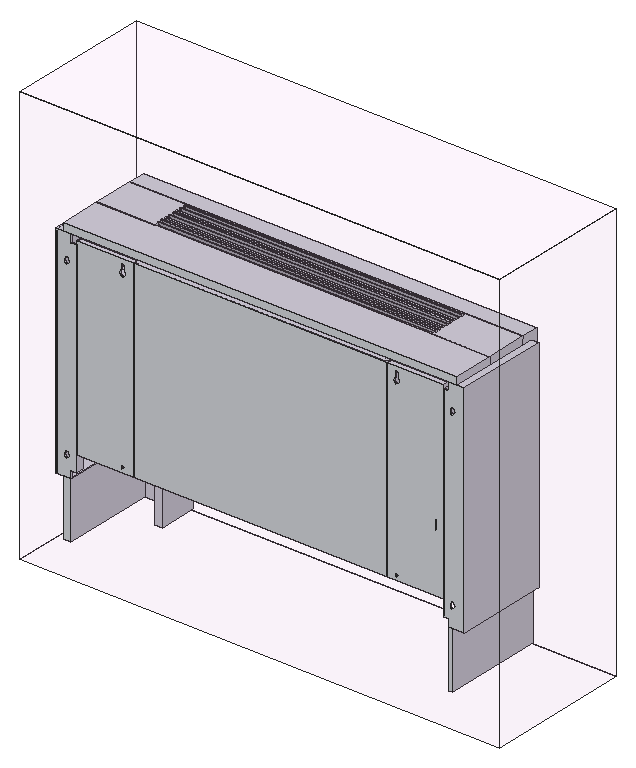
Revit family "02 - CASED EVOVERT - BTM IN - TOP DIS - No Valves", category Mechanical Equipment, host Wall, Revit 2018
Family settings
  Host = Wall
  Round Connector Dimension = Use Diameter
  Part Type = Normal
  OmniClass Number = 23.75.00.00
  OmniClass Title = Climate Control (HVAC)
  Always vertical = Yes
  Cut with Voids When Loaded = No
  Shared = No
  Room Calculation Point = No
Parameters (values of type "EVOVERT - Size 100 LH")
  ∆P Htg Coil = 0.0 Pa
  ∆P Cooling Coil = 0.0 Pa
  Winter off Coil Temp. = 0 °C
  Winter Room Temp. = 0 °C
  Winter On Coil Temp. = 0 °C
  Winter Fresh Air Temp. = 0 °C
  Top Pipework [instance] = if(or(BOTTOM Pipework Entry, SIDE Pipework Entry), 1 = 0, TOP Pipework Entry)  # no
  Temperature Controller = no
  TOP Pipework Entry [instance] = no
  Summer off Coil Temp. = 0 °C
  Summer Room Temp. = 0 °C
  Summer On Coil Temp. = 0 °C
  Summer Fresh Air Temp. = 0 °C
  Starting Method = "Soft Start"
  Spigot Visible [instance] = not(CASED Fan Coil Unit)  # no
  Speed Selection Controller = no
  Specific Fan Power = 0
  Sound Transmission (NR) = 0
  Side Pipework [instance] = if(or(BOTTOM Pipework Entry, TOP Pipework Entry), 1 = 0, SIDE Pipework Entry)  # no
  Shipping Weight = 0.00 kg
  SIDE Pipework Entry [instance] = no
  Room Air Temperature Sensor = no
  Right Side Clearance = 0.00 mm
  Return Air Temperature Sensor = no
  RH Components Visible = no
  Product Model Number (Code) [instance] = ""
  Primary Filter = "G3"
  Plinths Visible [instance] = if(CASED Fan Coil Unit, CASE Plinth Fitted, 1 = 0)  # yes
  Pipe Connection Type = "Screw"
  Overall Width = FCU Width + AUX Pan Extension + (2.00 mm * 150)  # 970.00 mm
  Overall Length = FCU Length  # 510.00 mm
  Overall Height = FCU Depth  # 235.00 mm
  Outlet Connection Width = FCU Width  # 670.00 mm
  Outlet Connection Shape = "Rectangular"
  Outlet Connection Dia/Height = 100.00 mm  # constant formula
  Operating Weight = 0.00 kg
  No of Outlet Connections = 1
  Motor Type = "EC"
  Motor Enclosure Rating = "IP42"
  Model = "EVOVERT"  # constant formula
  Max Ext Press. = 0.0 Pa
  Mat Thickness Pos = 1.20 mm
  Mat Thickness Neg = Mat Thickness Pos * (-1)  # -1.20 mm
  Manufacturer = "Ability Projects"  # constant formula
  Low Voltage Transformer = no
  Left Side Clearance = 0.00 mm
  LTHW Coil Flow = 0.0 L/s
  LTHW Coil Connection Size = 15.00 mm  # constant formula
  LPHW Return Temp. = 0 °C
  LPHW Flow Temperature = 0 °C
  LH Components Visible = yes
  Internet Address = "http://www.abilityprojects.com"
  Intake Width = FCU Width - (2.00 mm * 14) - 2.00 mm  # 640.00 mm
  Intake Height = FCU Depth - 13.00 mm - 40.00 mm - 2.00 mm  # 180.00 mm
  Inlet Plenum = no
  Inlet Connection Width = 0.00 mm
  Inlet Connection Shape = "N/A"
  Inlet Connection Dia/Height = 0.00 mm
  Incoming Supply Phase = 1
  Incoming Supply Electrical Voltage = 230 V
  Incoming Supply Electrical Frequency = 50 Hz
  Heating Coil Duty Range = 0 W
  Heating Coil Configuration [instance] = "LTHW"
  Heating Coil [instance] = yes
  Handing = "LH"
  Fan Type = "Double Inlet Centrifugal"
  FCU Width = 670.00 mm
  FCU Offset [instance] = 0.00 mm
  FCU Length = 510.00 mm  # constant formula
  FCU Depth = 235.00 mm  # constant formula
  Enclosure Width (Model) = Electrical Enclosure Width - Mat Thickness Pos  # 233.80 mm
  Enclosure Depth (Model) = Electrical Enclosure Depth - Mat Thickness Pos  # 143.80 mm
  Electrical Supply Current (Max) = 0 A
  Electrical Power Consumption = 0 W
  Electrical Enclosure Width = 235.00 mm  # constant formula
  Electrical Enclosure Height = 380.00 mm  # constant formula
  Electrical Enclosure Depth = 145.00 mm  # constant formula
  Earth Connector = yes
  Drain From Edge = Drain Connection Size / 2  # 7.50 mm
  Drain Cut Size = Drain Connection Size - 2.00 mm  # 13.00 mm
  Drain Connection Size = 15.00 mm
  Description = "Wall Mounted 235mm Deep and 500mm Tall Vertical Fan Coil Unit"  # constant formula
  Cooling Coil Duty (Total) = 0 W
  Cooling Coil Duty (Sensible) = 0 W
  Cooling Coil [instance] = yes
  Controls Connection = no
  Control Valves & Actuators = no
  Configuration = "Vertical"
  Condensate Tray = yes
  Condensate Lift Pump [instance] = no
  Condensate Drain Max Flow = 0.0 L/s
  Condensate Drain Connection Size = 15.00 mm  # constant formula
  Ch.W Coil Flow = 0.0 L/s
  CASED Fan Coil Unit [instance] = yes
  CASE Plinth Fitted [instance] = yes
  Bottom Pipework [instance] = if(or(SIDE Pipework Entry, TOP Pipework Entry), 1 = 0, BOTTOM Pipework Entry)  # yes
  Back Panel Offset (Right) = if(RH Components Visible, 150.00 mm + AUX Pan Extension, 150.00 mm)  # 150.00 mm
  Back Panel Offset (Left) = if(LH Components Visible, 150.00 mm + AUX Pan Extension, 150.00 mm)  # 150.00 mm
  BOTTOM Pipework Entry [instance] = yes
  Assembly Code = "D3050100"
  Air Flow Rate = 0.0 L/s
  Access Panel Pos = 50.00 mm  # constant formula
  Access Clearance Visible [instance] = yes
  AUX Pan Extension = 0.00 mm
  Circular Spigot Spacing = 0.00 mm
  Circular Spigot Position = 0.00 mm
  Circular Spigot No = 0.00 mm
  Ch.W Coil Connection Size = 15.00 mm  # constant formula
  CHW Return Temp. = 0 °C
  CHW Flow Temp. = 0 °C
  BMS Addressable Controller = no
  Access Clearance Top = 300.00 mm  # constant formula
  Access Clearance Right = 150.00 mm  # constant formula
  Access Clearance Left = 150.00 mm  # constant formula
  Access Clearance Front = 150.00 mm  # constant formula
  Access Clearance Bottom = 300.00 mm  # constant formula
  AUX Pan Length = 125.00 mm + AUX Pan Extension  # 125.00 mm
Reference planes
  plane 1 "Wall": y = 0
  plane 2 "Center (Left/Right)": x = 0
  plane 3 "Back": y = 75
  plane 4 "FCU Right Side": x = -335
  plane 5 "FCU Left Side": x = 335
  plane 6 "Chassis Left": x = 485
  plane 7 "Chassis Right": x = -485
  plane 8 "FCU Bottom": z = 300
  plane 9 "FCU Top": z = 810
  plane 10 "Back Panel Plane": y = 75
  plane 11 "FCU Front": y = 310
  plane 12: z = 555
  plane 13 "Intake Disp": y = 270
  plane 14 "Top Spigot End": y = 190
  plane 15: y = 290
  plane 16 "Access Panel Start": z = 760
  plane 17: z = 790
  plane 18: z = 690
  plane 19: x = 255
  plane 20: x = -255
  plane 21 "Copper Plate Left": x = 325
  plane 22 "Pipe End Left": x = 365
  plane 23 "Copper Plate Right": x = -325
  plane 24 "Pipe End Right": x = -365
  plane 25 "Elec Enclosure Front": y = 310
  plane 26 "Elec Enclosure Bottom": z = 350
  plane 27 "Elec Enclosure Top": z = 730
  plane 28 "Elec Enclosure Left": x = 478.8
  plane 29 "Elec Enclosure Right": x = -478.8
  plane 30 "AUX Pan Plane": z = 458
  plane 31 "Access Front": y = 460
Forms (mm)
  Extrusion 1, solid
    sketch origin (0, 75, 0) x (-1, 0, 0) y (0, 0, 1)
      loop
        line (-485, 808.8) -> (-485, 301.2) -> (485, 301.2) -> (485, 808.8) -> (-485, 808.8)
    from 0 to 1.2 <- "Mat Thickness Pos"
  Extrusion 2, solid
    sketch origin (485, 75, 808.8) x (-1, 0, 0) y (0, -1, 0)
      loop
        line (0, 0) -> (0, -13) -> (970, -13) -> (970, 0) -> (0, 0)
    from 0 to -1.2 <- "Mat Thickness Neg"
  Extrusion 3, solid
    sketch origin (-485, 75, 301.2) x (0, -1, 0) y (-1, 0, 0)
      loop
        line (0, -970) -> (0, 0) -> (-13, 0) -> (-13, -970) -> (0, -970)
    from 0 to -1.2 <- "Mat Thickness Neg"
  Extrusion 4, solid
    sketch origin (485, 88, 301.2) x (0, -1, 0) y (0, 0, -1)
      loop
        line (13, -507.6) -> (13, 0) -> (-2, 0)
        arc (-2, 0) -> (-5.536, -1.464) -> (-7, -5) r 5
        line (-7, -5) -> (-7, -502.6)
        arc (-7, -502.6) -> (-5.536, -506.136) -> (-2, -507.6) r 5
        line (-2, -507.6) -> (13, -507.6)
    from 0 to -1.2 <- "Mat Thickness Neg"
  Extrusion 5, solid
    sketch origin (-485, 75, 301.2) x (0, 1, 0) y (0, 0, -1)
      loop
        line (0, 0) -> (0, -507.6) -> (15, -507.6)
        arc (15, -507.6) -> (18.536, -506.136) -> (20, -502.6) r 5
        line (20, -502.6) -> (20, -5)
        arc (20, -5) -> (18.536, -1.464) -> (15, 0) r 5
        line (15, 0) -> (0, 0)
    from 0 to -1.2 <- "Mat Thickness Neg"
  Extrusion 6, void
    sketch origin (0, 76.2, 0) x (1, 0, 0) y (0, 0, 1)
      loop
        circle (362.5, 315) r 3.75
      loop
        circle (-362.5, 315) r 3.75
      loop
        line (366.25, 781.495) -> (366.25, 795)
        arc (366.25, 795) -> (362.5, 798.75) -> (358.75, 795) r 3.75
        line (358.75, 795) -> (358.75, 781.495)
        arc (358.75, 781.495) -> (362.5, 767.5) -> (366.25, 781.495) r 7.5
      loop
        line (-358.75, 781.495) -> (-358.75, 795)
        arc (-358.75, 795) -> (-362.5, 798.75) -> (-366.25, 795) r 3.75
        line (-366.25, 795) -> (-366.25, 781.495)
        arc (-366.25, 781.495) -> (-362.5, 767.5) -> (-358.75, 781.495) r 7.5
    from 0 to 1.2
  Extrusion 7, solid
    sketch origin (335, 0, 0) x (0, 0, 1) y (0, 1, 0)
      loop
        line (807.6, 76.2) -> (807.6, 308.8) -> (302.4, 308.8) -> (302.4, 76.2) -> (807.6, 76.2)
    from 0 to 1.2 <- "Mat Thickness Pos"
  Extrusion 8, solid
    sketch origin (-335, 0, 0) x (0, 0, 1) y (0, 1, 0)
      loop
        line (302.4, 76.2) -> (807.6, 76.2) -> (807.6, 308.8) -> (302.4, 308.8) -> (302.4, 76.2)
    from 0 to -1.2 <- "Mat Thickness Neg"
  Extrusion 9, solid
    sketch origin (0, 0, 0) x (0, 1, 0) y (0, 0, 1)
      loop
        line (135, 765) -> (203.707, 540.268) -> (291.687, 567.167) -> (222.98, 791.898) -> (135, 765)
    from -255 to 255
  Extrusion 10, solid
    sketch origin (335, 308.8, 807.6) x (0, 0, -1) y (-1, 0, 0)
      loop
        line (0, 0) -> (505.2, 0) -> (505.2, 14) -> (0, 14) -> (0, 0)
    from 0 to -1.2 <- "Mat Thickness Neg"
  Extrusion 11, solid
    sketch origin (-335, 308.8, 807.6) x (0, 0, -1) y (-1, 0, 0)
      loop
        line (0, 0) -> (0, -14) -> (505.2, -14) -> (505.2, 0) -> (0, 0)
    from 0 to -1.2 <- "Mat Thickness Neg"
  Extrusion 12, solid
    sketch origin (335, 76.2, 807.6) x (0, 1, 0) y (-1, 0, 0)
      loop
        line (11.8, 0) -> (232.6, 0) -> (232.6, 14) -> (11.8, 14) -> (11.8, 0)
    from 0 to 1.2 <- "Mat Thickness Pos"
  Extrusion 13, solid
    sketch origin (335, 308.8, 302.4) x (-1, 0, 0) y (0, 1, 0)
      loop
        line (0, 0) -> (0, -220.8) -> (14, -220.8) -> (14, 0) -> (0, 0)
    from 0 to 1.2 <- "Mat Thickness Pos"
  Extrusion 14, solid
    sketch origin (-335, 76.2, 302.4) x (1, 0, 0) y (0, -1, 0)
      loop
        line (0, -11.8) -> (0, -232.6) -> (14, -232.6) -> (14, -11.8) -> (0, -11.8)
    from 0 to 1.2 <- "Mat Thickness Pos"
  Extrusion 15, solid
    sketch origin (-335, 308.8, 807.6) x (0, -1, 0) y (1, 0, 0)
      loop
        line (0, 0) -> (220.8, 0) -> (220.8, 14) -> (0, 14) -> (0, 0)
    from 0 to 1.2 <- "Mat Thickness Pos"
  Extrusion 16, solid
    sketch origin (0, 0, 810) x (1, 0, 0) y (0, 1, 0)
      loop
        line (-333.8, 310) -> (-333.8, 81.2)
        arc (-333.8, 81.2) -> (-332.336, 77.664) -> (-328.8, 76.2) r 5
        line (-328.8, 76.2) -> (328.8, 76.2)
        arc (328.8, 76.2) -> (332.336, 77.664) -> (333.8, 81.2) r 5
        line (333.8, 81.2) -> (333.8, 310) -> (-333.8, 310)
    from 0 to -1.2
  Extrusion 17, solid
    sketch origin (0, 310, 0) x (-1, 0, 0) y (0, 0, 1)
      loop
        line (333.8, 810) -> (-333.8, 810) -> (-333.8, 765)
        arc (-333.8, 765) -> (-332.336, 761.464) -> (-328.8, 760) r 5
        line (-328.8, 760) -> (328.8, 760)
        arc (328.8, 760) -> (332.336, 761.464) -> (333.8, 765) r 5
        line (333.8, 765) -> (333.8, 810)
    from 0 to -1.2
  Extrusion 18, solid, visible <- "LH Components Visible"
    sketch origin (255, 0, 0) x (0, 1, 0) y (0, 0, 1)
      loop
        line (201.365, 589.327) -> (252.488, 566.266) -> (261.486, 605.241) -> (210.363, 628.302) -> (201.365, 589.327)
    from 0 to 50
  Extrusion 19, void
    sketch origin (0, 0, 0) x (0, 1, 0) y (0, 0, 1)
      loop
        line (201.365, 589.327) -> (210.363, 589.327) -> (210.363, 628.302) -> (201.365, 628.302) -> (201.365, 589.327)
      loop
        line (261.486, 605.241) -> (252.488, 605.241) -> (252.488, 566.266) -> (261.486, 566.266) -> (261.486, 605.241)
    from -255 to 255
  Extrusion 20, solid, visible <- "LH Components Visible"
    sketch origin (325, 0, 0) x (0, 0, 1) y (0, 1, 0)
      loop
        line (590.713, 191.422) -> (634.781, 201.596) -> (638.193, 212.756) -> (612.632, 269.422) -> (605.115, 271.72) -> (559.966, 261.296) -> (556.475, 249.875) -> (581.583, 194.213) -> (590.713, 191.422)
    from 0 to 1
  Extrusion 21, solid, visible <- "RH Components Visible"
    sketch origin (-255, 0, 0) x (0, -1, 0) y (0, 0, 1)
      loop
        line (-210.363, 628.302) -> (-261.486, 605.241) -> (-252.488, 566.266) -> (-201.365, 589.327) -> (-210.363, 628.302)
    from 0 to 50
  Extrusion 22, solid, visible <- "RH Components Visible"
    sketch origin (-325, 0, 0) x (0, 0, 1) y (0, 1, 0)
      loop
        line (638.193, 212.756) -> (612.632, 269.422) -> (605.115, 271.72) -> (559.966, 261.296) -> (556.475, 249.875) -> (581.583, 194.213) -> (590.713, 191.422) -> (634.781, 201.596) -> (638.193, 212.756)
    from 0 to -1
  Extrusion 23, solid, visible <- "LH Components Visible"
    sketch origin (325, 0, 0) x (0, 0, 1) y (0, 1, 0)
      loop
        circle (628.302, 210.363) r 6.5
      loop
        circle (589.327, 201.365) r 6.5
      loop
        circle (605.241, 261.486) r 6.5
      loop
        circle (566.266, 252.488) r 6.5
      loop
        circle (628.302, 210.363) r 7.5
      loop
        circle (589.327, 201.365) r 7.5
      loop
        circle (605.241, 261.486) r 7.5
      loop
        circle (566.266, 252.488) r 7.5
    from 0 to 70
  Extrusion 24, solid, visible <- "RH Components Visible"
    sketch origin (-255, 0, 0) x (0, -1, 0) y (0, 0, 1)
      loop
        circle (-261.486, 605.241) r 6.5
      loop
        circle (-252.488, 566.266) r 6.5
      loop
        circle (-261.486, 605.241) r 7.5
      loop
        circle (-252.488, 566.266) r 7.5
      loop
        circle (-210.363, 628.302) r 6.5
      loop
        circle (-210.363, 628.302) r 7.5
      loop
        circle (-201.365, 589.327) r 6.5
      loop
        circle (-201.365, 589.327) r 7.5
    from 0 to 69
  Extrusion 25, solid, visible <- "LH Components Visible"
    sketch origin (255, 0, 0) x (0, 1, 0) y (0, 0, 1)
      loop
        line (205.992, 543.058) -> (283.452, 566.74) -> (217.669, 781.909) -> (140.208, 758.227) -> (205.992, 543.058)
    from 0 to 50
  Extrusion 26, solid, visible <- "RH Components Visible"
    sketch origin (-255, 0, 0) x (0, -1, 0) y (0, 0, 1)
      loop
        line (-217.669, 781.909) -> (-283.452, 566.74) -> (-205.992, 543.058) -> (-140.208, 758.227) -> (-217.669, 781.909)
    from 0 to 50
  Extrusion 27, solid
    sketch origin (255, 0, 0) x (0, 1, 0) y (0, 0, 1)
      loop
        line (222.98, 791.898) -> (135, 765) -> (203.707, 540.268) -> (291.687, 567.167) -> (222.98, 791.898)
      loop
        line (203.043, 539.02) -> (292.936, 566.503) -> (223.644, 793.147) -> (133.751, 765.664) -> (203.043, 539.02)
    from 0 to 78.8
  Extrusion 28, solid
    sketch origin (-255, 0, 0) x (0, -1, 0) y (0, 0, 1)
      loop
        line (-291.687, 567.167) -> (-203.707, 540.268) -> (-135, 765) -> (-222.98, 791.898) -> (-291.687, 567.167)
      loop
        line (-292.936, 566.503) -> (-203.043, 539.02) -> (-133.751, 765.664) -> (-223.644, 793.147) -> (-292.936, 566.503)
    from 0 to 78.8
  Extrusion 29, void
    sketch origin (335, 0, 0) x (0, 0, 1) y (0, 1, 0)
      loop
        line (791.898, 222.98) -> (567.167, 291.687) -> (540.268, 203.707) -> (765, 135) -> (791.898, 222.98)
    from 0 to 1.2
  Extrusion 30, void
    sketch origin (-335, 0, 0) x (0, 0, 1) y (0, 1, 0)
      loop
        line (791.898, 222.98) -> (567.167, 291.687) -> (540.268, 203.707) -> (765, 135) -> (791.898, 222.98)
    from 0 to -1.2
  Extrusion 31, solid, visible <- "LH Components Visible"
    sketch origin (325, 0, 0) x (0, 0, 1) y (0, 1, 0)
      loop
        circle (628.302, 210.363) r 6.5
      loop
        circle (589.327, 201.365) r 6.5
      loop
        circle (605.241, 261.486) r 6.5
      loop
        circle (566.266, 252.488) r 6.5
      loop
        circle (628.302, 210.363) r 7.5
      loop
        circle (589.327, 201.365) r 7.5
      loop
        circle (605.241, 261.486) r 7.5
      loop
        circle (566.266, 252.488) r 7.5
    from 0 to -40
  Extrusion 32, solid, visible <- "RH Components Visible"
    sketch origin (-325, 0, 0) x (0, 0, 1) y (0, 1, 0)
      loop
        circle (605.241, 261.486) r 6.5
      loop
        circle (566.266, 252.488) r 6.5
      loop
        circle (628.302, 210.363) r 6.5
      loop
        circle (589.327, 201.365) r 6.5
      loop
        circle (605.241, 261.486) r 7.5
      loop
        circle (566.266, 252.488) r 7.5
      loop
        circle (628.302, 210.363) r 7.5
      loop
        circle (589.327, 201.365) r 7.5
    from 0 to 40
  Extrusion 33, solid
    sketch origin (328.8, 310, 760) x (0, 1, 0) y (1, 0, 0)
      loop
        line (0, -7.8) -> (-9, -7.8)
        arc (-9, -7.8) -> (-12.536, -9.264) -> (-14, -12.8) r 5
        line (-14, -12.8) -> (-14, -644.8)
        arc (-14, -644.8) -> (-12.536, -648.336) -> (-9, -649.8) r 5
        line (-9, -649.8) -> (0, -649.8) -> (0, -7.8)
    from 0 to 1.2 <- "Mat Thickness Pos"
  Extrusion 34, solid
    sketch origin (0, 310, 0) x (-1, 0, 0) y (0, 0, 1)
      loop
        line (-335, 755) -> (-335, 300) -> (335, 300) -> (335, 755) -> (-335, 755)
    from 0 to -1.2 <- "Mat Thickness Neg"
  Extrusion 35, solid
    sketch origin (0, 0, 300) x (1, 0, 0) y (0, 1, 0)
      loop
        line (335, 270) -> (335, 310) -> (-335, 310) -> (-335, 270) -> (335, 270)
    from 0 to 1.2
  Extrusion 36, solid
    sketch origin (335, 270, 300) x (-1, 0, 0) y (0, 0, -1)
      loop
        line (656, 0) -> (14, 0) -> (14, -10) -> (656, -10) -> (656, 0)
    from 0 to 1.2 <- "Mat Thickness Pos"
  Extrusion 37, solid
    sketch origin (321, 270, 310) x (-1, 0, 0) y (0, -1, 0)
      loop
        line (0, 13) -> (0, 0) -> (642, 0) -> (642, 13) -> (0, 13)
    from 0 to -1.2 <- "Mat Thickness Neg"
  Extrusion 38, solid
    sketch origin (335, 0, 0) x (0, 0, 1) y (0, 1, 0)
      loop
        line (300, 310) -> (300, 270) -> (308, 270)
        arc (308, 270) -> (311.536, 271.464) -> (313, 275) r 5
        line (313, 275) -> (313, 297) -> (750, 297)
        arc (750, 297) -> (753.536, 298.464) -> (755, 302) r 5
        line (755, 302) -> (755, 310) -> (300, 310)
    from 0 to -1.2 <- "Mat Thickness Neg"
  Extrusion 39, solid
    sketch origin (-335, 0, 0) x (0, 0, 1) y (0, 1, 0)
      loop
        line (300, 310) -> (300, 270) -> (308, 270)
        arc (308, 270) -> (311.536, 271.464) -> (313, 275) r 5
        line (313, 275) -> (313, 297) -> (750, 297)
        arc (750, 297) -> (753.536, 298.464) -> (755, 302) r 5
        line (755, 302) -> (755, 310) -> (300, 310)
    from 0 to 1.2 <- "Mat Thickness Pos"
  Extrusion 40, solid
    sketch origin (335, 308.8, 301.2) x (0, -1, 0) y (-1, 0, 0)
      loop
        line (220.8, 14) -> (220.8, 656) -> (40, 656) -> (40, 14) -> (220.8, 14)
    from 1.2 to 0
  Extrusion 41, solid, visible <- "RH Components Visible"
    sketch origin (335, 88, 807.6) x (0, 1, 0) y (0, 0, 1)
      loop
        line (134.98, -15.702) -> (47, -42.6) -> (115.707, -267.332) -> (203.687, -240.433) -> (134.98, -15.702)
    from 0 to -1.2 <- "Mat Thickness Neg"
  Extrusion 42, solid, visible <- "LH Components Visible"
    sketch origin (-335, 88, 302.4) x (0, 1, 0) y (0, 0, -1)
      loop
        line (115.707, -237.868) -> (47, -462.6) -> (134.98, -489.498) -> (203.687, -264.767) -> (115.707, -237.868)
    from 0 to -1.2 <- "Mat Thickness Neg"
  Extrusion 43, solid, visible <- "LH Components Visible"
    sketch origin (0, 0, 458) x (1, 0, 0) y (0, 1, 0)
      loop
        line (335, 295) -> (335, 76.2) -> (465, 76.2) -> (465, 295) -> (335, 295)
    from 0 to 25
  Extrusion 44, void
    sketch origin (0, 0, 483) x (0, 1, 0) y (1, 0, 0)
      loop
        line (77.2, 464) -> (77.2, 336) -> (294, 336) -> (294, 464) -> (77.2, 464)
    from 0 to 24
  Extrusion 45, void
    sketch origin (0, 0, 459) x (-1, 0, 0) y (0, 1, 0)
      loop
        circle (-457.5, 287.5) r 6.5
    from 0 to 1
  Extrusion 46, solid, visible <- "LH Components Visible"
    sketch origin (0, 0, 458) x (0, 1, 0) y (1, 0, 0)
      loop
        circle (287.5, 457.5) r 7.5
      loop
        circle (287.5, 457.5) r 6.5
    from 0 to 30
  Extrusion 47, solid, visible <- "RH Components Visible"
    sketch origin (0, 0, 458) x (1, 0, 0) y (0, 1, 0)
      loop
        line (-465, 295) -> (-465, 76.2) -> (-335, 76.2) -> (-335, 295) -> (-465, 295)
    from 0 to 25
  Extrusion 48, void
    sketch origin (0, 0, 483) x (0, 1, 0) y (1, 0, 0)
      loop
        line (294, -464) -> (294, -336) -> (77.2, -336) -> (77.2, -464) -> (294, -464)
    from 0 to 24
  Extrusion 49, void
    sketch origin (0, 0, 459) x (-1, 0, 0) y (0, 1, 0)
      loop
        circle (457.5, 287.5) r 6.5
    from 0 to 1
  Extrusion 50, solid, visible <- "RH Components Visible"
    sketch origin (0, 0, 458) x (0, 1, 0) y (1, 0, 0)
      loop
        circle (287.5, -457.5) r 7.5
      loop
        circle (287.5, -457.5) r 6.5
    from 0 to 30
  Extrusion 51, solid, visible <- "RH Components Visible"
    sketch origin (335, 88, 807.6) x (0, 1, 0) y (0, 0, 1)
      loop
        line (-11.8, -77.6) -> (-11.8, -457.6) -> (220.8, -457.6) -> (220.8, -77.6) -> (-11.8, -77.6)
    from 0 to 143.8
  Extrusion 52, void
    sketch origin (335, 76.2, 730) x (-1, 0, 0) y (0, 1, 0)
      loop
        line (0, 232.6) -> (-10, 232.6) -> (-10, 212.6) -> (0, 212.6) -> (0, 232.6)
    from 0 to 380
  Extrusion 53, solid, visible <- "RH Components Visible"
    sketch origin (335, 76.2, 730) x (0, 1, 0) y (-1, 0, 0)
      loop
        line (212.6, -10) -> (217.6, -10) -> (217.6, -5)
        arc (217.6, -5) -> (216.136, -1.464) -> (212.6, 0) r 5
        line (212.6, 0) -> (212.6, -10)
    from 0 to -380
  Extrusion 54, solid, visible <- "RH Components Visible"
    sketch origin (335, 308.8, 730) x (0, 0, -1) y (-1, 0, 0)
      loop
        line (1.2, -143.8) -> (378.8, -143.8) -> (378.8, -60)
        arc (378.8, -60) -> (377.336, -56.464) -> (373.8, -55) r 5
        line (373.8, -55) -> (6.2, -55)
        arc (6.2, -55) -> (2.664, -56.464) -> (1.2, -60) r 5
        line (1.2, -60) -> (1.2, -143.8)
    from 0 to 1.2 <- "Mat Thickness Pos"
  Extrusion 55, solid, visible <- "RH Components Visible"
    sketch origin (478.8, 88, 807.6) x (0, 1, 0) y (0, 0, 1)
      loop
        line (222, -456.4) -> (222, -78.8) -> (-6.8, -78.8)
        arc (-6.8, -78.8) -> (-10.336, -80.264) -> (-11.8, -83.8) r 5
        line (-11.8, -83.8) -> (-11.8, -451.4)
        arc (-11.8, -451.4) -> (-10.336, -454.936) -> (-6.8, -456.4) r 5
        line (-6.8, -456.4) -> (222, -456.4)
    from 0 to 1.2 <- "Mat Thickness Pos"
  Extrusion 56, void
    sketch origin (335, 76.2, 730) x (-1, 0, 0) y (0, 1, 0)
      loop
        arc (-120.8, 218.8) -> (-122.921, 217.921) -> (-123.8, 215.8) r 3
        line (-123.8, 215.8) -> (-123.8, 119.8)
        arc (-123.8, 119.8) -> (-123.507, 119.093) -> (-122.8, 118.8) r 1
        line (-122.8, 118.8) -> (-74.8, 118.8)
        arc (-74.8, 118.8) -> (-74.093, 119.093) -> (-73.8, 119.8) r 1
        line (-73.8, 119.8) -> (-73.8, 215.8)
        arc (-73.8, 215.8) -> (-74.679, 217.921) -> (-76.8, 218.8) r 3
        line (-76.8, 218.8) -> (-120.8, 218.8)
      loop
        circle (-128.8, 48.8) r 7.95
      loop
        circle (-128.8, 73.8) r 7.95
      loop
        circle (-93.8, 78.8) r 10.5
      loop
        circle (-93.8, 48.8) r 10.5
    from 0 to 1
  Extrusion 57, solid, visible <- "LH Components Visible"
    sketch origin (-335, 88, 302.4) x (0, 1, 0) y (0, 0, -1)
      loop
        line (220.8, -427.6) -> (220.8, -47.6) -> (-11.8, -47.6) -> (-11.8, -427.6) -> (220.8, -427.6)
    from 0 to 143.8
  Extrusion 58, void
    sketch origin (-335, 308.8, 730) x (1, 0, 0) y (0, -1, 0)
      loop
        line (-10, 0) -> (0, 0) -> (0, 20) -> (-10, 20) -> (-10, 0)
    from 0 to 380
  Extrusion 59, solid, visible <- "LH Components Visible"
    sketch origin (-335, 308.8, 730) x (0, -1, 0) y (1, 0, 0)
      loop
        line (20, -10) -> (20, 0)
        arc (20, 0) -> (16.464, -1.464) -> (15, -5) r 5
        line (15, -5) -> (15, -10) -> (20, -10)
    from 0 to -380
  Extrusion 60, solid, visible <- "LH Components Visible"
    sketch origin (-335, 308.8, 350) x (0, 0, 1) y (1, 0, 0)
      loop
        arc (378.8, -60) -> (377.336, -56.464) -> (373.8, -55) r 5
        line (373.8, -55) -> (6.2, -55)
        arc (6.2, -55) -> (2.664, -56.464) -> (1.2, -60) r 5
        line (1.2, -60) -> (1.2, -143.8) -> (378.8, -143.8) -> (378.8, -60)
    from 0 to 1.2 <- "Mat Thickness Pos"
  Extrusion 61, solid, visible <- "LH Components Visible"
    sketch origin (-478.8, 88, 302.4) x (0, 1, 0) y (0, 0, -1)
      loop
        arc (-11.8, -421.4) -> (-10.336, -424.936) -> (-6.8, -426.4) r 5
        line (-6.8, -426.4) -> (222, -426.4) -> (222, -48.8) -> (-6.8, -48.8)
        arc (-6.8, -48.8) -> (-10.336, -50.264) -> (-11.8, -53.8) r 5
        line (-11.8, -53.8) -> (-11.8, -421.4)
    from 0 to 1.2 <- "Mat Thickness Pos"
  Extrusion 62, void
    sketch origin (-335, 308.8, 730) x (1, 0, 0) y (0, -1, 0)
      loop
        line (-120.8, 13.8) -> (-76.8, 13.8)
        arc (-76.8, 13.8) -> (-74.679, 14.679) -> (-73.8, 16.8) r 3
        line (-73.8, 16.8) -> (-73.8, 110.8)
        arc (-73.8, 110.8) -> (-74.679, 112.921) -> (-76.8, 113.8) r 3
        line (-76.8, 113.8) -> (-120.8, 113.8)
        arc (-120.8, 113.8) -> (-122.921, 112.921) -> (-123.8, 110.8) r 3
        line (-123.8, 110.8) -> (-123.8, 16.8)
        arc (-123.8, 16.8) -> (-122.921, 14.679) -> (-120.8, 13.8) r 3
      loop
        circle (-128.8, 158.8) r 7.95
      loop
        circle (-128.8, 183.8) r 7.95
      loop
        circle (-93.8, 153.8) r 10.5
      loop
        circle (-93.8, 183.8) r 10.5
    from 0 to 1
  Extrusion 63, solid, visible <- "Spigot Visible"
    sketch origin (0, 0, 810) x (1, 0, 0) y (0, 1, 0)
      loop
        line (-335, 290) -> (-335, 190) -> (335, 190) -> (335, 290) -> (-335, 290)
    from 0 to 25
  Extrusion 64, solid, material "Access Zone", visible <- "Access Clearance Visible"
    sketch origin (485, 75, 301.2) x (-1, 0, 0) y (0, 0, -1)
      loop
        line (1120, -808.8) -> (1120, 301.2) -> (-150, 301.2) -> (-150, -808.8) -> (1120, -808.8)
    from 0 to -385
Cuts and joins
  Extrusion 6 cuts Extrusion 1
  Extrusion 6 cuts Extrusion 2
  Extrusion 6 cuts Extrusion 3
  Extrusion 6 cuts Extrusion 4
  Extrusion 6 cuts Extrusion 5
  joined: Extrusion 1, Extrusion 2, Extrusion 3, Extrusion 4, Extrusion 5
  Extrusion 29, Extrusion 52 cuts Extrusion 7
  Extrusion 29, Extrusion 52 cuts Extrusion 10
  Extrusion 29, Extrusion 52 cuts Extrusion 12
  Extrusion 29, Extrusion 52 cuts Extrusion 13
  joined: Extrusion 7, Extrusion 10, Extrusion 12, Extrusion 13
  Extrusion 30, Extrusion 58 cuts Extrusion 8
  Extrusion 30, Extrusion 58 cuts Extrusion 11
  Extrusion 30, Extrusion 58 cuts Extrusion 14
  Extrusion 30, Extrusion 58 cuts Extrusion 15
  joined: Extrusion 8, Extrusion 11, Extrusion 14, Extrusion 15
  joined: Extrusion 16, Extrusion 17, Extrusion 33
  Extrusion 19, Extrusion 29 cuts Extrusion 9
  Extrusion 29 cuts Extrusion 27
  joined: Extrusion 9, Extrusion 27
  Extrusion 29 cuts Extrusion 18
  Extrusion 29 cuts Extrusion 20
  Extrusion 29 cuts Extrusion 23
  Extrusion 29 cuts Extrusion 25
  joined: Extrusion 18, Extrusion 20, Extrusion 23, Extrusion 25, Extrusion 31
  joined: Extrusion 21, Extrusion 22, Extrusion 24, Extrusion 26, Extrusion 32
  joined: Extrusion 34, Extrusion 35, Extrusion 36, Extrusion 38, Extrusion 39
  Extrusion 44, Extrusion 45 cuts Extrusion 43
  Extrusion 48, Extrusion 49 cuts Extrusion 47
  Extrusion 52, Extrusion 56 cuts Extrusion 51
  Extrusion 56 cuts Extrusion 53
  joined: Extrusion 51, Extrusion 53
  joined: Extrusion 54, Extrusion 55
  Extrusion 58, Extrusion 62 cuts Extrusion 57
  Extrusion 62 cuts Extrusion 59
  joined: Extrusion 57, Extrusion 59
  joined: Extrusion 60, Extrusion 61
Text (mm)
  text "Placement side" at (-1820.995, -659.926, 0), in view "Ref. Level"
  text "Placement side" at (0, 1334.055, 2976.191), in view "Left"
  text "Placement side" at (0, 439.194, 2944.362), in view "Right"
Dimensions and locks
  locked: plane 3 "Back" to host wall
  equal spacing: plane 4 "FCU Right Side", plane 2 "Center (Left/Right)", plane 5 "FCU Left Side"
  "FCU Width": plane 4 "FCU Right Side" to plane 5 "FCU Left Side"
  "Back Panel Offset (Left)": plane 6 "Chassis Left" to plane 5 "FCU Left Side"
  "Back Panel Offset (Right)": plane 7 "Chassis Right" to plane 4 "FCU Right Side"
  locked: level to plane 8 "FCU Bottom" at 300
  "FCU Length": plane 8 "FCU Bottom" to plane 9 "FCU Top"
  "FCU Offset": plane 10 "Back Panel Plane" to plane 3 "Back"
  locked: Extrusion 2 sketch curve to plane 10 "Back Panel Plane" at 13
  locked: plane 10 "Back Panel Plane" to Extrusion 4 sketch curve at 20
  locked: plane 5 "FCU Left Side" to Extrusion 6 sketch curve at 27.5  (x2)
  locked: plane 8 "FCU Bottom" to Extrusion 6 sketch curve at 15  (x2)
  locked: Extrusion 6 sketch curve to plane 4 "FCU Right Side" at 27.5  (x2)
  locked: Extrusion 6 sketch curve to Extrusion 6 sketch curve at 20  (x2)
  "FCU Depth": plane 11 "FCU Front" to plane 10 "Back Panel Plane"
  "Mat Thickness Pos": Extrusion 7 sketch curve to plane 11 "FCU Front"
  "Mat Thickness Pos": plane 8 "FCU Bottom" to Extrusion 1 sketch curve
  "Mat Thickness Pos": Extrusion 1 sketch curve to plane 9 "FCU Top"
  locked: Extrusion 6 sketch curve to plane 9 "FCU Top" at 15  (x2)
  plane 8 "FCU Bottom" to plane 9 "FCU Top" = 510.00 mm
  equal spacing: plane 8 "FCU Bottom", plane 12, plane 9 "FCU Top"
  locked: plane 10 "Back Panel Plane" to Extrusion 9 sketch curve at 60
  locked: Extrusion 9 sketch curve to plane 12 at 210
  locked: Extrusion 9 sketch curve to Extrusion 9 sketch curve at 235
  locked: Extrusion 9 sketch curve to Extrusion 9 sketch curve at 92
  locked: plane 5 "FCU Left Side" to Extrusion 10 sketch curve at 14
  locked: Extrusion 11 sketch curve to plane 4 "FCU Right Side" at 14
  locked: plane 11 "FCU Front" to plane 13 "Intake Disp" at 40
  locked: plane 11 "FCU Front" to plane 15 at 20
  locked: plane 15 to plane 14 "Top Spigot End" at 100
  "Access Panel Pos": plane 16 "Access Panel Start" to plane 9 "FCU Top"
  locked: plane 17 to plane 9 "FCU Top" at 20
  locked: plane 18 to plane 17 at 100
  locked: plane 19 to plane 5 "FCU Left Side" at 80
  locked: plane 4 "FCU Right Side" to plane 20 at 80
  locked: Extrusion 9 to Extrusion 18 sketch curve at 47.6
  locked: Extrusion 9 to Extrusion 18 sketch curve at 10.6
  locked: Extrusion 18 sketch curve to Extrusion 18 sketch curve at 55
  locked: Extrusion 9 to Extrusion 18 sketch curve at 37.75
  locked: Extrusion 18 sketch curve to Extrusion 18 sketch curve at 40  (x2)
  locked: plane 19 to plane 22 "Pipe End Left" at 110
  locked: plane 24 "Pipe End Right" to plane 20 at 110
  locked: plane 24 "Pipe End Right" to plane 23 "Copper Plate Right" at 40
  locked: plane 21 "Copper Plate Left" to plane 22 "Pipe End Left" at 40
  locked: Extrusion 20 sketch curve to Extrusion 18 at 10  (x4)
  locked: cut or joined group of Extrusion 9, Extrusion 19, Extrusion 27, Extrusion 29 to Extrusion 20 sketch curve at 2
  locked: cut or joined group of Extrusion 9, Extrusion 19, Extrusion 27, Extrusion 29 to Extrusion 20 sketch curve at 8
  locked: Extrusion 20 sketch curve to cut or joined group of Extrusion 9, Extrusion 19, Extrusion 27, Extrusion 29 at 91
  locked: cut or joined group of Extrusion 9, Extrusion 19, Extrusion 27, Extrusion 29 to Extrusion 20 sketch curve at 3
  locked: cut or joined group of Extrusion 9, Extrusion 19, Extrusion 27, Extrusion 29 to Extrusion 25 sketch curve at 2
  locked: cut or joined group of Extrusion 9, Extrusion 19, Extrusion 27, Extrusion 29 to Extrusion 25 sketch curve at 3
  locked: cut or joined group of Extrusion 9, Extrusion 19, Extrusion 27, Extrusion 29 to Extrusion 25 sketch curve at 8  (x2)
  locked: plane 11 "FCU Front" to Extrusion 33 sketch curve at 14
  locked: Extrusion 34 sketch curve to plane 16 "Access Panel Start" at 5
  plane 8 "FCU Bottom" to Extrusion 36 sketch curve = 10.00 mm
  locked: Extrusion 38 sketch curve to plane 8 "FCU Bottom" at 13
  locked: Extrusion 38 sketch curve to plane 11 "FCU Front" at 13
  "Electrical Enclosure Width": plane 10 "Back Panel Plane" to plane 25 "Elec Enclosure Front"
  "Electrical Enclosure Height": plane 27 "Elec Enclosure Top" to plane 26 "Elec Enclosure Bottom"
  locked: plane 27 "Elec Enclosure Top" to plane 12 at 175
  "Enclosure Depth (Model)": plane 5 "FCU Left Side" to plane 28 "Elec Enclosure Left"
  "Enclosure Depth (Model)": plane 29 "Elec Enclosure Right" to plane 4 "FCU Right Side"
  locked: plane 12 to plane 30 "AUX Pan Plane" at 97
  locked: Extrusion 43 sketch curve to plane 6 "Chassis Left" at 20
  locked: plane 25 "Elec Enclosure Front" to Extrusion 43 sketch curve at 15
  locked: Extrusion 44 sketch curve to cut or joined group of Extrusion 1, Extrusion 2, Extrusion 3, Extrusion 4, Extrusion 5, Extrusion 6 at 1
  locked: Extrusion 44 sketch curve to Extrusion 43 at 1
  locked: cut or joined group of Extrusion 7, Extrusion 10, Extrusion 12, Extrusion 13, Extrusion 29, Extrusion 52 to Extrusion 44 sketch curve at 1
  "Drain From Edge": Extrusion 45 sketch curve to cut or joined group of Extrusion 43, Extrusion 44, Extrusion 45
  "Drain From Edge": Extrusion 46 sketch curve to cut or joined group of Extrusion 43, Extrusion 44, Extrusion 45
  "Drain From Edge": cut or joined group of Extrusion 43, Extrusion 44, Extrusion 45 to Extrusion 46 sketch curve
  locked: plane 25 "Elec Enclosure Front" to Extrusion 47 sketch curve at 15
  locked: plane 7 "Chassis Right" to Extrusion 47 sketch curve at 20
  locked: Extrusion 48 sketch curve to plane 4 "FCU Right Side" at 1
  locked: Extrusion 47 to Extrusion 48 sketch curve at 1
  "Drain From Edge": cut or joined group of Extrusion 47, Extrusion 48, Extrusion 49 to Extrusion 49 sketch curve  (x2)
  "Drain From Edge": cut or joined group of Extrusion 47, Extrusion 48, Extrusion 49 to Extrusion 50 sketch curve  (x2)
  locked: Extrusion 51 sketch curve to plane 11 "FCU Front" at 1.2
  locked: Extrusion 52 sketch curve to Extrusion 51 at 10
  locked: Extrusion 51 to Extrusion 52 sketch curve at 20
  locked: Extrusion 54 sketch curve to plane 27 "Elec Enclosure Top" at 1.2
  locked: plane 26 "Elec Enclosure Bottom" to Extrusion 54 sketch curve at 1.2
  plane 5 "FCU Left Side" to Extrusion 54 sketch curve = 55.00 mm
  locked: Extrusion 56 sketch curve to plane 28 "Elec Enclosure Left" at 20
  locked: plane 25 "Elec Enclosure Front" to Extrusion 56 sketch curve at 15
  locked: Extrusion 56 sketch curve to Extrusion 56 sketch curve at 50
  locked: Extrusion 56 sketch curve to Extrusion 56 sketch curve at 100
  locked: Extrusion 56 sketch curve to plane 28 "Elec Enclosure Left" at 15  (x2)
  locked: Extrusion 56 sketch curve to plane 28 "Elec Enclosure Left" at 50  (x2)
  locked: plane 25 "Elec Enclosure Front" to Extrusion 56 sketch curve at 160
  locked: plane 25 "Elec Enclosure Front" to Extrusion 56 sketch curve at 155
  locked: Extrusion 56 sketch curve to Extrusion 56 sketch curve at 30
  locked: Extrusion 56 sketch curve to Extrusion 56 sketch curve at 25
  locked: Extrusion 57 sketch curve to plane 11 "FCU Front" at 1.2
  locked: Extrusion 57 to Extrusion 58 sketch curve at 10
  locked: Extrusion 57 to Extrusion 58 sketch curve at 20
  locked: Extrusion 60 sketch curve to plane 27 "Elec Enclosure Top" at 1.2
  locked: plane 26 "Elec Enclosure Bottom" to Extrusion 60 sketch curve at 1.2
  locked: Extrusion 60 sketch curve to plane 4 "FCU Right Side" at 55
  locked: plane 29 "Elec Enclosure Right" to Extrusion 62 sketch curve at 20
  locked: plane 25 "Elec Enclosure Front" to Extrusion 62 sketch curve at 15
  locked: Extrusion 62 sketch curve to Extrusion 62 sketch curve at 100
  locked: Extrusion 62 sketch curve to Extrusion 62 sketch curve at 50
  locked: plane 25 "Elec Enclosure Front" to Extrusion 62 sketch curve at 155
  locked: plane 25 "Elec Enclosure Front" to Extrusion 62 sketch curve at 160
  locked: plane 29 "Elec Enclosure Right" to Extrusion 62 sketch curve at 15  (x2)
  locked: plane 29 "Elec Enclosure Right" to Extrusion 62 sketch curve at 50  (x2)
  locked: Extrusion 62 sketch curve to Extrusion 62 sketch curve at 25
  locked: Extrusion 62 sketch curve to Extrusion 62 sketch curve at 30
  "Access Clearance Right": plane 7 "Chassis Right" to Extrusion 64 sketch curve
  "Access Clearance Left": Extrusion 64 sketch curve to plane 6 "Chassis Left"
  "Access Clearance Top": plane 9 "FCU Top" to Extrusion 64 sketch curve
  "Access Clearance Bottom": Extrusion 64 sketch curve to plane 8 "FCU Bottom"
  "Access Clearance Front": plane 31 "Access Front" to plane 11 "FCU Front"
  "Drain Cut Size": diameter of Extrusion 45 sketch curve
  "Drain Cut Size": diameter of Extrusion 49 sketch curve
  "Drain Connection Size": diameter of Extrusion 50 sketch curve
  "Drain Connection Size": diameter of Extrusion 46 sketch curve
  locked: plane 10 "Back Panel Plane" to Extrusion 9 sketch curve (angle 17.00°)
  locked: Extrusion 9 to Extrusion 18 sketch curve (angle 60.00°)
  aligned and locked: plane 1 "Wall" to host wall
  aligned and locked: Extrusion 1 sketch curve to plane 6 "Chassis Left"
  aligned and locked: plane 7 "Chassis Right" to Extrusion 1 sketch curve
  aligned and locked: plane 7 "Chassis Right" to Extrusion 2 sketch curve
  aligned and locked: plane 10 "Back Panel Plane" to Extrusion 2 sketch curve
  aligned and locked: Extrusion 2 sketch curve to plane 6 "Chassis Left"
  aligned and locked: Extrusion 3 sketch curve to Extrusion 2  (x4)
  aligned and locked: Extrusion 4 sketch curve to cut or joined group of Extrusion 1, Extrusion 2, Extrusion 3, Extrusion 4, Extrusion 5, Extrusion 6  (x3)
  aligned and locked: cut or joined group of Extrusion 1, Extrusion 2, Extrusion 3, Extrusion 4, Extrusion 5, Extrusion 6 to Extrusion 5 sketch curve
  aligned and locked: Extrusion 5 sketch curve to cut or joined group of Extrusion 1, Extrusion 2, Extrusion 3, Extrusion 4, Extrusion 5, Extrusion 6  (x3)
  aligned and locked: Extrusion 1 to Extrusion 6
  aligned and locked: Extrusion 6 to plane 10 "Back Panel Plane"
  aligned and locked: Extrusion 7 sketch curve to cut or joined group of Extrusion 1, Extrusion 2, Extrusion 3, Extrusion 4, Extrusion 5, Extrusion 6  (x3)
  aligned and locked: cut or joined group of Extrusion 1, Extrusion 2, Extrusion 3, Extrusion 4, Extrusion 5, Extrusion 6 to Extrusion 8 sketch curve
  aligned and locked: cut or joined group of Extrusion 1, Extrusion 2, Extrusion 3, Extrusion 4, Extrusion 5, Extrusion 6 to Extrusion 10 sketch curve  (x2)
  aligned and locked: plane 5 "FCU Left Side" to Extrusion 10 sketch curve
  aligned and locked: Extrusion 10 to Extrusion 7
  aligned and locked: plane 4 "FCU Right Side" to Extrusion 11 sketch curve
  aligned and locked: Extrusion 11 sketch curve to cut or joined group of Extrusion 1, Extrusion 2, Extrusion 3, Extrusion 4, Extrusion 5, Extrusion 6  (x2)
  aligned and locked: Extrusion 11 to Extrusion 7
  aligned and locked: Extrusion 7 to Extrusion 12 sketch curve
  aligned and locked: Extrusion 12 sketch curve to Extrusion 10  (x2)
  aligned and locked: cut or joined group of Extrusion 1, Extrusion 2, Extrusion 3, Extrusion 4, Extrusion 5, Extrusion 6 to Extrusion 12 sketch curve
  aligned and locked: Extrusion 12 to Extrusion 7
  aligned and locked: Extrusion 13 sketch curve to Extrusion 7
  aligned and locked: Extrusion 13 sketch curve to Extrusion 10
  aligned and locked: Extrusion 13 sketch curve to Extrusion 12  (x2)
  aligned and locked: Extrusion 13 to Extrusion 7
  aligned and locked: Extrusion 8 to Extrusion 14 sketch curve
  aligned and locked: Extrusion 14 sketch curve to Extrusion 11  (x2)
  aligned and locked: cut or joined group of Extrusion 1, Extrusion 2, Extrusion 3, Extrusion 4, Extrusion 5, Extrusion 6 to Extrusion 14 sketch curve
  aligned and locked: Extrusion 14 to Extrusion 7
  aligned and locked: Extrusion 15 sketch curve to Extrusion 8
  aligned and locked: Extrusion 15 sketch curve to Extrusion 11  (x2)
  aligned and locked: cut or joined group of Extrusion 1, Extrusion 2, Extrusion 3, Extrusion 4, Extrusion 5, Extrusion 6 to Extrusion 15 sketch curve
  aligned and locked: Extrusion 15 to Extrusion 7
  aligned and locked: cut or joined group of Extrusion 1, Extrusion 2, Extrusion 3, Extrusion 4, Extrusion 5, Extrusion 6 to Extrusion 16 sketch curve
  aligned and locked: Extrusion 16 sketch curve to cut or joined group of Extrusion 7, Extrusion 10, Extrusion 12, Extrusion 13, Extrusion 29, Extrusion 52
  aligned and locked: cut or joined group of Extrusion 8, Extrusion 11, Extrusion 14, Extrusion 15, Extrusion 30, Extrusion 58 to Extrusion 16 sketch curve
  aligned and locked: Extrusion 16 sketch curve to plane 11 "FCU Front"
  aligned and locked: Extrusion 16 to plane 9 "FCU Top"
  aligned and locked: Extrusion 16 to cut or joined group of Extrusion 1, Extrusion 2, Extrusion 3, Extrusion 4, Extrusion 5, Extrusion 6
  aligned and locked: Extrusion 17 sketch curve to Extrusion 16  (x3)
  aligned and locked: Extrusion 17 to plane 11 "FCU Front"
  aligned and locked: Extrusion 17 to cut or joined group of Extrusion 7, Extrusion 10, Extrusion 12, Extrusion 13, Extrusion 29, Extrusion 52
  aligned and locked: Extrusion 9 to plane 19
  aligned and locked: plane 20 to Extrusion 9
  aligned and locked: Extrusion 19 sketch curve to Extrusion 18  (x8)
  aligned and locked: Extrusion 9 to Extrusion 19  (x2)
  aligned and locked: Extrusion 20 to plane 21 "Copper Plate Left"
  aligned and locked: Extrusion 21 sketch curve to Extrusion 18  (x4)
  aligned and locked: Extrusion 21 to plane 20
  aligned and locked: Extrusion 22 sketch curve to Extrusion 20  (x8)
  aligned and locked: Extrusion 22 to plane 23 "Copper Plate Right"
  aligned and locked: cut or joined group of Extrusion 9, Extrusion 19, Extrusion 27, Extrusion 29 to Extrusion 23 sketch curve  (x11)
  aligned and locked: Extrusion 23 sketch curve to cut or joined group of Extrusion 9, Extrusion 19, Extrusion 27, Extrusion 29  (x5)
  aligned and locked: Extrusion 23 to plane 21 "Copper Plate Left"
  aligned and locked: plane 19 to Extrusion 23
  aligned and locked: cut or joined group of Extrusion 9, Extrusion 19, Extrusion 27, Extrusion 29 to Extrusion 24 sketch curve  (x8)
  aligned and locked: Extrusion 24 sketch curve to cut or joined group of Extrusion 9, Extrusion 19, Extrusion 27, Extrusion 29  (x8)
  aligned and locked: Extrusion 24 to plane 20
  aligned and locked: Extrusion 24 to Extrusion 22
  aligned and locked: plane 19 to Extrusion 25
  aligned and locked: cut or joined group of Extrusion 18, Extrusion 20, Extrusion 23, Extrusion 25, Extrusion 29, Extrusion 31 to Extrusion 25
  aligned and locked: Extrusion 26 sketch curve to cut or joined group of Extrusion 18, Extrusion 20, Extrusion 23, Extrusion 25, Extrusion 29, Extrusion 31  (x4)
  aligned and locked: Extrusion 26 to plane 20
  aligned and locked: Extrusion 26 to cut or joined group of Extrusion 21, Extrusion 22, Extrusion 24, Extrusion 26, Extrusion 32
  aligned and locked: Extrusion 27 sketch curve to cut or joined group of Extrusion 9, Extrusion 19, Extrusion 27, Extrusion 29  (x4)
  aligned and locked: plane 19 to Extrusion 27
  aligned and locked: Extrusion 27 to cut or joined group of Extrusion 7, Extrusion 10, Extrusion 12, Extrusion 13, Extrusion 29, Extrusion 52
  aligned and locked: Extrusion 28 sketch curve to cut or joined group of Extrusion 9, Extrusion 19, Extrusion 27, Extrusion 29  (x8)
  aligned and locked: Extrusion 28 to plane 20
  aligned and locked: Extrusion 28 to cut or joined group of Extrusion 8, Extrusion 11, Extrusion 14, Extrusion 15, Extrusion 30, Extrusion 58
  aligned and locked: Extrusion 29 sketch curve to cut or joined group of Extrusion 9, Extrusion 19, Extrusion 27, Extrusion 29  (x4)
  aligned and locked: Extrusion 29 to plane 5 "FCU Left Side"
  aligned and locked: Extrusion 7 to Extrusion 29
  aligned and locked: Extrusion 30 sketch curve to Extrusion 28  (x4)
  aligned and locked: Extrusion 30 to plane 4 "FCU Right Side"
  aligned and locked: Extrusion 8 to Extrusion 30
  aligned and locked: cut or joined group of Extrusion 9, Extrusion 19, Extrusion 27, Extrusion 29 to Extrusion 31 sketch curve  (x12)
  aligned and locked: Extrusion 31 sketch curve to cut or joined group of Extrusion 9, Extrusion 19, Extrusion 27, Extrusion 29  (x4)
  aligned and locked: Extrusion 31 to plane 21 "Copper Plate Left"
  aligned and locked: cut or joined group of Extrusion 9, Extrusion 19, Extrusion 27, Extrusion 29 to Extrusion 32 sketch curve  (x8)
  aligned and locked: Extrusion 32 sketch curve to cut or joined group of Extrusion 9, Extrusion 19, Extrusion 27, Extrusion 29  (x8)
  aligned and locked: Extrusion 32 to plane 23 "Copper Plate Right"
  aligned and locked: plane 24 "Pipe End Right" to Extrusion 32
  aligned and locked: Extrusion 31 to plane 22 "Pipe End Left"
  aligned and locked: plane 11 "FCU Front" to Extrusion 33 sketch curve
  aligned and locked: Extrusion 33 sketch curve to cut or joined group of Extrusion 8, Extrusion 11, Extrusion 14, Extrusion 15, Extrusion 30, Extrusion 58
  aligned and locked: Extrusion 33 sketch curve to cut or joined group of Extrusion 7, Extrusion 10, Extrusion 12, Extrusion 13, Extrusion 29, Extrusion 52
  aligned and locked: plane 8 "FCU Bottom" to Extrusion 34 sketch curve
  aligned and locked: Extrusion 34 to plane 11 "FCU Front"
  aligned and locked: Extrusion 35 sketch curve to plane 11 "FCU Front"
  aligned and locked: Extrusion 35 to plane 8 "FCU Bottom"
  aligned and locked: Extrusion 35 to cut or joined group of Extrusion 1, Extrusion 2, Extrusion 3, Extrusion 4, Extrusion 5, Extrusion 6
  aligned and locked: cut or joined group of Extrusion 7, Extrusion 10, Extrusion 12, Extrusion 13, Extrusion 29, Extrusion 52 to Extrusion 36 sketch curve
  aligned and locked: Extrusion 36 sketch curve to cut or joined group of Extrusion 8, Extrusion 11, Extrusion 14, Extrusion 15, Extrusion 30, Extrusion 58
  aligned and locked: plane 13 "Intake Disp" to Extrusion 35 sketch curve
  aligned and locked: plane 5 "FCU Left Side" to Extrusion 34 sketch curve
  aligned and locked: Extrusion 34 sketch curve to plane 4 "FCU Right Side"
  aligned and locked: plane 5 "FCU Left Side" to Extrusion 35 sketch curve
  aligned and locked: Extrusion 35 sketch curve to plane 4 "FCU Right Side"
  aligned and locked: Extrusion 40 sketch curve to cut or joined group of Extrusion 7, Extrusion 10, Extrusion 12, Extrusion 13, Extrusion 29, Extrusion 52
  aligned and locked: cut or joined group of Extrusion 1, Extrusion 2, Extrusion 3, Extrusion 4, Extrusion 5, Extrusion 6 to Extrusion 40 sketch curve
  aligned and locked: cut or joined group of Extrusion 8, Extrusion 11, Extrusion 14, Extrusion 15, Extrusion 30, Extrusion 58 to Extrusion 40 sketch curve
  aligned and locked: Extrusion 40 sketch curve to cut or joined group of Extrusion 34, Extrusion 35, Extrusion 36, Extrusion 38, Extrusion 39
  aligned and locked: Extrusion 41 sketch curve to cut or joined group of Extrusion 7, Extrusion 10, Extrusion 12, Extrusion 13, Extrusion 29, Extrusion 52  (x4)
  aligned and locked: Extrusion 42 sketch curve to cut or joined group of Extrusion 8, Extrusion 11, Extrusion 14, Extrusion 15, Extrusion 30, Extrusion 58  (x4)
  aligned and locked: Extrusion 43 sketch curve to plane 5 "FCU Left Side"
  aligned and locked: cut or joined group of Extrusion 1, Extrusion 2, Extrusion 3, Extrusion 4, Extrusion 5, Extrusion 6 to Extrusion 43 sketch curve
  aligned and locked: Extrusion 45 to Extrusion 44
  aligned and locked: Extrusion 45 to plane 30 "AUX Pan Plane"
  aligned and locked: plane 4 "FCU Right Side" to Extrusion 47 sketch curve
  aligned and locked: cut or joined group of Extrusion 1, Extrusion 2, Extrusion 3, Extrusion 4, Extrusion 5, Extrusion 6 to Extrusion 47 sketch curve
  aligned and locked: Extrusion 48 sketch curve to cut or joined group of Extrusion 43, Extrusion 44, Extrusion 45
  aligned and locked: cut or joined group of Extrusion 43, Extrusion 44, Extrusion 45 to Extrusion 48 sketch curve
  aligned and locked: Extrusion 49 to Extrusion 48
  aligned and locked: Extrusion 49 to plane 30 "AUX Pan Plane"
  aligned and locked: Extrusion 46 sketch curve to cut or joined group of Extrusion 43, Extrusion 44, Extrusion 45  (x2)
  aligned and locked: Extrusion 50 sketch curve to cut or joined group of Extrusion 47, Extrusion 48, Extrusion 49  (x2)
  aligned and locked: Extrusion 40 to cut or joined group of Extrusion 1, Extrusion 2, Extrusion 3, Extrusion 4, Extrusion 5, Extrusion 6
  aligned and locked: Extrusion 40 to plane 8 "FCU Bottom"
  aligned and locked: cut or joined group of Extrusion 1, Extrusion 2, Extrusion 3, Extrusion 4, Extrusion 5, Extrusion 6 to Extrusion 51 sketch curve
  aligned and locked: Extrusion 51 sketch curve to plane 27 "Elec Enclosure Top"
  aligned and locked: plane 26 "Elec Enclosure Bottom" to Extrusion 51 sketch curve
  aligned and locked: Extrusion 51 to plane 28 "Elec Enclosure Left"
  aligned and locked: Extrusion 52 sketch curve to Extrusion 51  (x2)
  aligned and locked: Extrusion 52 to plane 26 "Elec Enclosure Bottom"
  aligned and locked: Extrusion 53 to plane 26 "Elec Enclosure Bottom"
  aligned and locked: plane 28 "Elec Enclosure Left" to Extrusion 54 sketch curve
  aligned and locked: Extrusion 55 sketch curve to Extrusion 54  (x3)
  aligned and locked: Extrusion 55 sketch curve to cut or joined group of Extrusion 1, Extrusion 2, Extrusion 3, Extrusion 4, Extrusion 5, Extrusion 6
  aligned and locked: cut or joined group of Extrusion 1, Extrusion 2, Extrusion 3, Extrusion 4, Extrusion 5, Extrusion 6 to Extrusion 57 sketch curve
  aligned and locked: plane 27 "Elec Enclosure Top" to Extrusion 57 sketch curve
  aligned and locked: Extrusion 57 sketch curve to plane 26 "Elec Enclosure Bottom"
  aligned and locked: plane 29 "Elec Enclosure Right" to Extrusion 57
  aligned and locked: Extrusion 58 sketch curve to Extrusion 57  (x2)
  aligned and locked: Extrusion 58 to plane 26 "Elec Enclosure Bottom"
  aligned and locked: cut or joined group of Extrusion 57, Extrusion 58, Extrusion 59, Extrusion 62 to Extrusion 59 sketch curve
  aligned and locked: Extrusion 59 to plane 26 "Elec Enclosure Bottom"
  aligned and locked: Extrusion 60 sketch curve to plane 29 "Elec Enclosure Right"
  aligned and locked: Extrusion 61 sketch curve to Extrusion 60  (x2)
  aligned and locked: Extrusion 61 sketch curve to cut or joined group of Extrusion 54, Extrusion 55  (x2)
  aligned and locked: Extrusion 63 sketch curve to plane 15
  aligned and locked: Extrusion 63 sketch curve to plane 4 "FCU Right Side"
  aligned and locked: plane 5 "FCU Left Side" to Extrusion 63 sketch curve
  aligned and locked: plane 14 "Top Spigot End" to Extrusion 63 sketch curve
  aligned and locked: plane 31 "Access Front" to Extrusion 64
  aligned and locked: plane 9 "FCU Top" to nested 1
  aligned and locked: plane 6 "Chassis Left" to nested 1
Automatic sketch dimensions
  Extrusion 4 sketch curve to Extrusion 3 = 2.00 mm  (x2)
  Extrusion 6 sketch curve to Extrusion 6 sketch curve = 3.75 mm  (x4)
  Extrusion 6 sketch curve to Extrusion 6 sketch curve = 6.495 mm  (x2)
  Extrusion 8 sketch curve to plane 11 "FCU Front" = 1.20 mm
  Extrusion 8 sketch curve to plane 9 "FCU Top" = 2.40 mm
  plane 8 "FCU Bottom" to Extrusion 8 sketch curve = 2.40 mm
  Extrusion 16 sketch curve to Extrusion 16 sketch curve = 5.00 mm  (x2)
  Extrusion 17 sketch curve to plane 4 "FCU Right Side" = 6.20 mm
  plane 16 "Access Panel Start" to Extrusion 17 sketch curve = 5.00 mm
  Extrusion 9 to Extrusion 27 sketch curve = 1.00 mm  (x5)
  Extrusion 33 sketch curve to Extrusion 33 sketch curve = 5.00 mm  (x2)
  Extrusion 38 sketch curve to Extrusion 38 sketch curve = 5.00 mm  (x2)
  Extrusion 39 sketch curve to plane 13 "Intake Disp" = 0.00 mm
  plane 13 "Intake Disp" to Extrusion 39 sketch curve = 5.00 mm
  Extrusion 39 sketch curve to Extrusion 39 sketch curve = 5.00 mm
  Extrusion 36 sketch curve to Extrusion 35 = 0.00 mm
  Extrusion 37 sketch curve to Extrusion 36 = 0.00 mm  (x3)
  Extrusion 37 sketch curve to Extrusion 36 = 11.80 mm
  Extrusion 38 sketch curve to plane 8 "FCU Bottom" = 0.00 mm
  Extrusion 38 sketch curve to plane 11 "FCU Front" = 0.00 mm
  Extrusion 38 sketch curve to plane 13 "Intake Disp" = 0.00 mm
  Extrusion 38 sketch curve to plane 16 "Access Panel Start" = 10.00 mm
  Extrusion 39 sketch curve to plane 8 "FCU Bottom" = 0.00 mm
  Extrusion 39 sketch curve to plane 11 "FCU Front" = 0.00 mm
  plane 8 "FCU Bottom" to Extrusion 39 sketch curve = 8.00 mm
  Extrusion 39 sketch curve to plane 16 "Access Panel Start" = 10.00 mm
  plane 15 to Extrusion 39 sketch curve = 7.00 mm
  Extrusion 44 sketch curve to Extrusion 43 = 1.00 mm
  Extrusion 45 sketch curve to Extrusion 44 = 6.50 mm
  Extrusion 53 sketch curve to Extrusion 51 = 0.00 mm
  Extrusion 53 sketch curve to Extrusion 51 = 20.00 mm
  Extrusion 51 to Extrusion 53 sketch curve = 5.00 mm
  Extrusion 53 sketch curve to Extrusion 53 sketch curve = 5.00 mm
  Extrusion 51 to Extrusion 54 sketch curve = 6.20 mm
  Extrusion 54 sketch curve to Extrusion 54 sketch curve = 5.00 mm
  Extrusion 55 sketch curve to Extrusion 51 = 5.00 mm
  Extrusion 55 sketch curve to Extrusion 55 sketch curve = 5.00 mm
  Extrusion 56 sketch curve to Extrusion 56 sketch curve = 3.00 mm  (x2)
  Extrusion 56 sketch curve to Extrusion 56 sketch curve = 1.00 mm  (x2)
  Extrusion 59 sketch curve to Extrusion 57 = 0.00 mm
  Extrusion 59 sketch curve to Extrusion 57 = 15.00 mm
  Extrusion 59 sketch curve to Extrusion 59 sketch curve = 5.00 mm
  Extrusion 60 sketch curve to Extrusion 60 sketch curve = 5.00 mm  (x2)
  Extrusion 62 sketch curve to Extrusion 62 sketch curve = 3.00 mm  (x4)
  Extrusion 17 sketch curve to plane 16 "Access Panel Start" = 0.00 mm
  radius of Extrusion 6 sketch curve = 3.75 mm  (x2)
  radius of Extrusion 23 sketch curve = 6.50 mm  (x4)
  radius of Extrusion 23 sketch curve = 7.50 mm  (x4)
  radius of Extrusion 24 sketch curve = 6.50 mm  (x4)
  radius of Extrusion 24 sketch curve = 7.50 mm  (x4)
  radius of Extrusion 31 sketch curve = 6.50 mm  (x4)
  radius of Extrusion 31 sketch curve = 7.50 mm  (x4)
  radius of Extrusion 32 sketch curve = 6.50 mm  (x4)
  radius of Extrusion 32 sketch curve = 7.50 mm  (x4)
  radius of Extrusion 56 sketch curve = 7.95 mm  (x2)
  radius of Extrusion 56 sketch curve = 10.50 mm  (x2)
  radius of Extrusion 62 sketch curve = 7.95 mm  (x2)
  radius of Extrusion 62 sketch curve = 10.50 mm  (x2)
Nested families
  nested 1: "02 - EVOVERT CASE - LOW LEVEL - BTM IN - TOP DIS" at (0, 0, 0), visible <- "CASED Fan Coil Unit", type "EVOVERT CASE - Size 100"
    with Product Model Number (Code) "", Access Clearance Visible - CASE no, Pipework Entry DIM (Bottom LH) 145.00 mm, Bottom Pipework Entry (CASE) yes, Bottom Pipework LH (CASE) yes
Connectors
  hvac at (0, 178.4, 300), driven by "Intake Width", driven by "Intake Height"
    settings: on Extrusion 40, index 2, duct flow 0.0 L/s, flow factor 0, pres drop 0.0 Pa, loss coef 0, conn angle 0.00°, conn width 180 mm, conn height 640 mm, conn diameter 609.6 mm, duct sys type 2, conn prof type 1, flow config 0, flow direction 1, loss method 0, conn ref index -1, conn util no, is conn primary yes, conn desc ""
  piping at (365, 201.365, 589.327), diameter 15, driven by "LTHW Coil Connection Size"
    settings: on cut or joined group of Extrusion 18, Extrusion 20, Extrusion 23, Extrusion 25, Extrusion 29, Extrusion 31, index 4, connector inside diameter 609.6 mm, connector length 0.00 mm, flow factor 0, pipe flow 0.0 L/s, pressure drop 0.0 Pa, fitting loss kfactor 0, connector angle 0.00°, fixture units 0, engagement length 0.00 mm, angle of deflection 0.00°, flow configuration 0, flow direction 1, fitting loss method 4, system type 7, joint type 0, gender type 0, connector reference index -1, connector utility 0, adjustable connector no, is connector primary yes, connector description "HTG Flow"
  piping at (365, 210.363, 628.302), diameter 15, driven by "LTHW Coil Connection Size"
    settings: on cut or joined group of Extrusion 18, Extrusion 20, Extrusion 23, Extrusion 25, Extrusion 29, Extrusion 31, index 5, connector inside diameter 609.6 mm, connector length 0.00 mm, flow factor 0, pipe flow 0.0 L/s, pressure drop 0.0 Pa, fitting loss kfactor 0, connector angle 0.00°, fixture units 0, engagement length 0.00 mm, angle of deflection 0.00°, flow configuration 0, flow direction 2, fitting loss method 4, system type 8, joint type 0, gender type 0, connector reference index -1, connector utility 0, adjustable connector no, is connector primary no, connector description "HTG Return"
